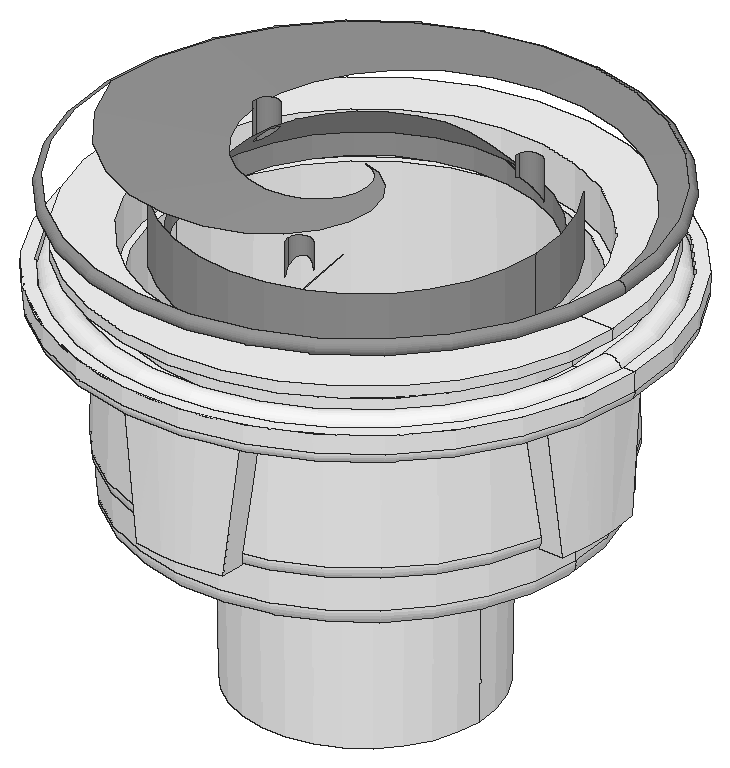
Revit family "0524.13 LRP DC HF BE40", category Plumbing Fixtures, Revit 2016
Family settings
  Part Type = Normal
  Round Connector Dimension = Use Diameter
  OmniClass Number = 23.31.27.00
  OmniClass Title = Floor Drains
  Work Plane-Based = No
  Always vertical = Yes
  Cut with Voids When Loaded = No
  Shared = No
  Room Calculation Point = No
Parameters (values of type "0524.13")
  Waste Connection = yes
  Vent Connection = no
  URL = "www.aquaknight.co.nz"
  Phone = "+6498322214"  # constant formula
  Model = "LRP DC HF BE40 - 0524.13"
  Manufacturer = "Aquanight Industries Ltd"  # constant formula
  HW Connection = no
  Email = "info@aquaknight.co.nz"  # constant formula
  Description = "DWV40 Wastetrap with chrome dome lid"
  CW Connection = no
Reference planes
  plane 1 "Center (Front/Back)": y = 0
  plane 2: z = 0
  plane 3 "Center (Left/Right)": x = 0
  plane 4: z = -62.638
Forms (mm)
  Revolve 1, solid, material "Plastic, Glossy White"
    sketch origin (0, 0, 0) x (1, 0, 0) y (0, 0, 1)
      loop
        line (-42.055, -39.828) -> (-42.255, -28.405) -> (-40.35, -28.405) -> (-39.919, -2.405) -> (-41.45, -2.405) -> (-41.45, 6.595) -> (-52.279, 6.595) -> (-52.279, 4.395) -> (-50.75, 3.513) -> (-46.125, 3.095)
        arc (-46.125, 3.095) -> (-44.504, 2.292) -> (-43.85, 0.606) r 2.5
        line (-43.85, 0.606) -> (-43.85, -3.399) -> (-49.924, -3.399)
        arc (-49.924, -3.399) -> (-51.565, 1.366) -> (-53.206, -3.399) r 2.665
        line (-53.206, -3.399) -> (-54.441, -3.399) -> (-54.5, 0) -> (-57, 0) -> (-56.936, -3.693)
        arc (-56.936, -3.693) -> (-56.187, -5.433) -> (-54.434, -6.149) r 2.5
        line (-54.434, -6.149) -> (-45.017, -6.149)
        spline (-45.017, -6.149) -> (-45.069, -8.251) -> (-45.119, -10.355) -> (-45.168, -12.461) -> (-45.216, -14.57) -> (-45.262, -16.68) -> (-45.306, -18.793) -> (-45.349, -20.908) -> (-45.391, -23.025) -> (-45.431, -25.143) -> (-45.469, -27.264) -> (-45.506, -29.386) -> (-45.542, -31.51)
        arc (-45.542, -31.51) -> (-45.324, -32.787) -> (-44.659, -33.899) r 3.52
        line (-44.659, -33.899) -> (-44.55, -40.153)
        arc (-44.55, -40.153) -> (-43.731, -42.479) -> (-41.682, -43.852) r 3.908
        line (-41.682, -43.852) -> (-24.658, -48.55) -> (-24.15, -77.646) -> (-21.65, -77.646) -> (-21.3, -49.146) -> (-20, -49.146)
        arc (-20, -49.146) -> (-20.511, -47.632) -> (-21.835, -46.736) r 2.5
        line (-21.835, -46.736) -> (-40.746, -41.517)
        arc (-40.746, -41.517) -> (-41.682, -40.89) -> (-42.055, -39.828) r 1.784
      axis (0, 6.595) -> (0, -77.646)
    angle from 0 to 360
  Revolve 2, solid, material "Steel, Chrome Plated"
    sketch origin (0, 0, 0) x (1, 0, 0) y (0, 0, 1)
      loop
        arc (0, 19.379) -> (-26.837, 18.62) -> (-53.589, 16.346) r 475
        arc (-53.589, 16.346) -> (-54.91, 14.687) -> (-53.251, 13.365) r 1.5
        arc (-53.251, 13.365) -> (-44.643, 14.263) -> (-36.019, 15.003) r 472
        line (-36.019, 15.003) -> (-36.019, 2.379) -> (-33.2, 2.379) -> (-33.2, 6.88)
        spline (-33.2, 6.88) -> (-32.462, 7.618) -> (-31.723, 8.356) -> (-30.984, 9.095) -> (-30.244, 9.834) -> (-29.505, 10.573) -> (-28.765, 11.312) -> (-28.025, 12.052) -> (-27.285, 12.791) -> (-26.545, 13.531) -> (-25.805, 14.271) -> (-25.064, 15.011) -> (-24.324, 15.752)
        arc (-24.324, 15.752) -> (-12.166, 16.222) -> (0, 16.379) r 472
        line (0, 16.379) -> (0, 19.379)
      axis (0, 19.379) -> (0, 2.379)
    angle from 0 to 360
  SweptBlend 3, solid, material "Plastic, Glossy White", detail levels fine
    path origin (0, 0, 0) x (1, 0, 0) y (0, 0, 1)
      loop
        line (0, -6.149) -> (0, -33.899)
    profile origin (0, 0, -6.149) x (0, -1, 0) y (1, 0, 0)
      loop
        arc (48.308, -12.6) -> (49.924, 0) -> (48.308, 12.6) r 49.924
        line (48.308, 12.6) -> (43.218, 12.6)
        arc (43.218, 12.6) -> (45.017, 0) -> (43.218, -12.6) r 45.017
        line (43.218, -12.6) -> (48.308, -12.6)
    end profile origin (0, 0, -33.899) x (0, -1, 0) y (1, 0, 0)
      loop
        arc (49.088, -9.1) -> (49.924, 0) -> (49.088, 9.1) r 49.924
        line (49.088, 9.1) -> (44.088, 9.1)
        arc (44.088, 9.1) -> (45.017, 0) -> (44.088, -9.1) r 45.017
        line (44.088, -9.1) -> (49.088, -9.1)
  SweptBlend 4, solid, material "Plastic, Glossy White", detail levels fine
    path origin (0, 0, 0) x (0, -1, 0) y (0, 0, 1)
      loop
        line (0, -6.149) -> (0, -33.899)
    profile origin (0, 0, -6.149) x (-1, 0, 0) y (0, -1, 0)
      loop
        arc (48.308, -12.6) -> (49.924, 0) -> (48.308, 12.6) r 49.924
        line (48.308, 12.6) -> (43.218, 12.6)
        arc (43.218, 12.6) -> (45.017, 0) -> (43.218, -12.6) r 45.017
        line (43.218, -12.6) -> (48.308, -12.6)
    end profile origin (0, 0, -33.899) x (-1, 0, 0) y (0, -1, 0)
      loop
        arc (49.088, -9.1) -> (49.924, 0) -> (49.088, 9.1) r 49.924
        line (49.088, 9.1) -> (44.088, 9.1)
        arc (44.088, 9.1) -> (45.017, 0) -> (44.088, -9.1) r 45.017
        line (44.088, -9.1) -> (49.088, -9.1)
  SweptBlend 5, solid, material "Plastic, Glossy White", detail levels fine
    path origin (0, 0, 0) x (-1, 0, 0) y (0, 0, 1)
      loop
        line (0, -6.149) -> (0, -33.899)
    profile origin (0, 0, -6.149) x (0, 1, 0) y (-1, 0, 0)
      loop
        arc (48.308, -12.6) -> (49.924, 0) -> (48.308, 12.6) r 49.924
        line (48.308, 12.6) -> (43.218, 12.6)
        arc (43.218, 12.6) -> (45.017, 0) -> (43.218, -12.6) r 45.017
        line (43.218, -12.6) -> (48.308, -12.6)
    end profile origin (0, 0, -33.899) x (0, 1, 0) y (-1, 0, 0)
      loop
        arc (49.088, -9.1) -> (49.924, 0) -> (49.088, 9.1) r 49.924
        line (49.088, 9.1) -> (44.088, 9.1)
        arc (44.088, 9.1) -> (45.017, 0) -> (44.088, -9.1) r 45.017
        line (44.088, -9.1) -> (49.088, -9.1)
  SweptBlend 6, solid, material "Plastic, Glossy White", detail levels fine
    path origin (0, 0, 0) x (0, 1, 0) y (0, 0, 1)
      loop
        line (0, -6.149) -> (0, -33.899)
    profile origin (0, 0, -6.149) x (1, 0, 0) y (0, 1, 0)
      loop
        arc (48.308, -12.6) -> (49.924, 0) -> (48.308, 12.6) r 49.924
        line (48.308, 12.6) -> (43.218, 12.6)
        arc (43.218, 12.6) -> (45.017, 0) -> (43.218, -12.6) r 45.017
        line (43.218, -12.6) -> (48.308, -12.6)
    end profile origin (0, 0, -33.899) x (1, 0, 0) y (0, 1, 0)
      loop
        arc (49.088, -9.1) -> (49.924, 0) -> (49.088, 9.1) r 49.924
        line (49.088, 9.1) -> (44.088, 9.1)
        arc (44.088, 9.1) -> (45.017, 0) -> (44.088, -9.1) r 45.017
        line (44.088, -9.1) -> (49.088, -9.1)
  Extrusion 7, void
    sketch origin (0, 0, 4) x (0, 1, 0) y (-1, 0, 0)
      loop
        circle (6.897, 26.334) r 2.337
      loop
        circle (19.313, -19.222) r 2.337
      loop
        circle (-26.356, -7.144) r 2.337
    from -7.399 to 18.251
Cuts and joins
  Extrusion 7 cuts Revolve 2
Dimensions and locks
  locked: plane 2 to plane 4 at 62.638
  aligned and locked: level to plane 2
  aligned and locked: Revolve 1 sketch curve to plane 3 "Center (Left/Right)"
  aligned and locked: Revolve 2 sketch curve to plane 3 "Center (Left/Right)"
Connectors
  piping at (0, 0, -62.638), diameter 40
    settings: on plane 4, index 1, connector inside diameter 609.6 mm, connector length 0 mm, flow factor 0, pipe flow 0.0 L/s, pressure drop 0.0 Pa, fitting loss kfactor 0, connector angle 0.00°, fixture units 0, engagement length 0 mm, angle of deflection 0.00°, flow configuration 0, flow direction 0, fitting loss method 0, system type 28, joint type 0, gender type 0, connector reference index -1, connector utility 0, adjustable connector no, is connector primary yes, connector description ""
